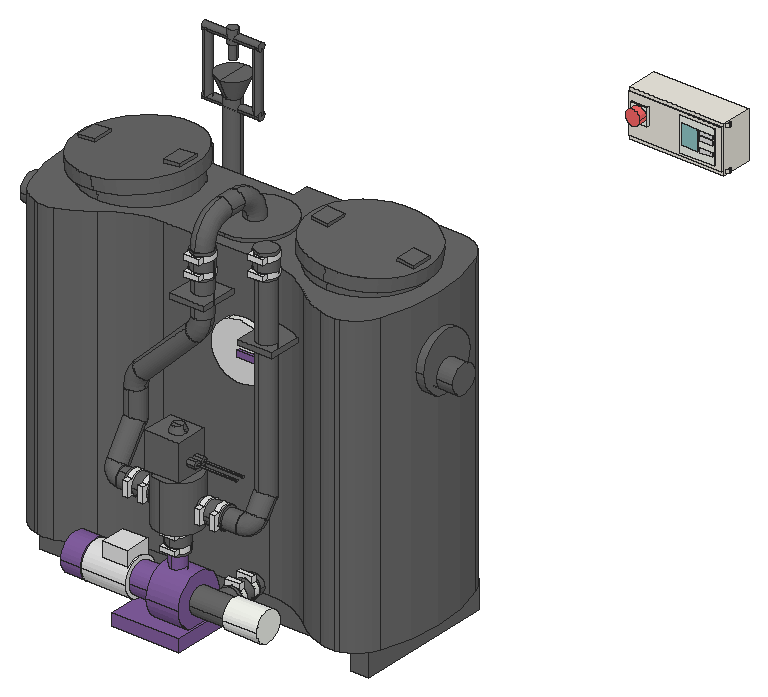
Revit family "93003.01_pvs 0", category Generic Models, Revit 2021
Family settings
  Can host rebar = No
  Round Connector Dimension = Use Diameter
  Part Type = Normal
  Work Plane-Based = No
  Always vertical = Yes
  Cut with Voids When Loaded = No
  Shared = Yes
  Room Calculation Point = No
Parameters (values of type "93003.01_PVS")
  SUPPLIER = "KESSEL"
  SA810ID06 = "4026092060971"
  SA810ID03 = "93003.01/PVS"
  SA71009ID06 = 3000 W
  SA71009ID05 = 3600 W
  SA71009ID04 = 1
  SA700ID17 = 1055 mm
  SA700ID14 = "ohne Angabe"
  SA700ID13 = 70 mm
  SA700ID09 = 1458 mm
  SA700ID08 = 680 mm
  SA700ID07 = 1500 mm
  SA700ID06 = 300
  SA700ID05 = 3
  SA700ID04 = "Grease separator EasyClean free NS 3, Auto Mix & Pump"
  SA500ID03 = "Sludge trap, integrated"
  SA400ID03 = "PE (Polyethylen)"
  SA250ID03 = "temperierte Umhausung"
  SA200ID03 = "free-standing set-up"
  SA100ID04 = "Abscheideranlage für Fette (Schlammfang und Fettabscheider)"
  PROCUREWEBLINK = "https://p.caden.as/kessel/93003.01%2FPVS"
  PROCURELINK = "p.caden.as/kessel/93003.01%2FPVS"
  PROCUREDATALASTUPDATE = "2024-05-22T12:17:53.100868662+01:00"
  PRC_SPECIFICATIONLINK = "https://ausschreiben.de/catalog/kessel/catalogItem/c8f192cc-be94-47e1-8b0a-54157882a37c"
  NN = "EasyClean, Auto Mix & Pump grease separator"
  NBSYN = "$SA810ID03. $LODLEVEL."
  NB = "93003.01/PVS 0"
  Model = "93003.01/PVS"
  Manufacturer = "KESSEL"
  MIdent = "{$CADENAS_DATA/23d-libs/kessel/kessel_vdi_import/40/abscheideranlage20fuer20fette/easyclean_free_auto_mix_pump.prj},230 {STYP=ASS},{VTYP=3D},{NB=93003.01/PVS 0},{LINA=93003.01/PVS},{NN=EasyClean, Auto Mix & Pump grease separator},{DATE=20.12.2022 10:10:54},{GEOMDATE=17.11.2022 09:57:06},{VERSION=},{LINEID=30},{WBVAR=LODLEVEL},{WBNUMERIC=LODLEVEL}  {NB=93003.01/PVS 0},{LINA=93003.01/PVS},{KT=DUMMY},{PREVIEW=../../bilder/ksb_w_9300301pvs.png},{SA700ID04=Fettabscheider EasyClean free NS 3, Auto Mix & Pump},{SA810ID06=4026092060971},{SA010ID04=KESSEL AG},{SA810ID03=93003.01/PVS},{SA100ID04=Abscheideranlage für Fette (Schlammfang und Fettabscheider)},{SA200ID03=Freiaufstellung},{SA400ID03=PE (Polyethylen)},{SA500ID03=Schlammfang integriert},{SA700ID05=3.00},{SA700ID06=300},{SA71009ID04=1},{SA71009ID05=3.60},{SA71009ID06=3.00},{SA250ID03=temperierte Umhausung},{SA700ID07=1500},{SA700ID09=1458},{SA700ID13=70},{SA700ID17=1055},{SA700ID08=680},{SA810ID10=\\\"Der Abscheider für fetthaltiges Abwasser ist für die freie Aufstellung in frostgeschützten Räumen geeignet und verzichtet auf metallische Bauteile im Behälter. Der Sammelbehälter aus dauerhaft beständigem Kunststoff (PE) ist mit einem integrierten Schlammfang ausgestattet und besitzt ein konisch zulaufendes Bodenteil für eine schnelle und saubere Entsorgung. Zwei geruchsdichte Deckel mit Schnellspannverschlüssen ermöglichen einen einfachen Zugang für Reinigungs- und Wartungsarbeiten.Das innovative Schredder-Mix-System mit integriertem Zerhacker übernimmt die Homogenisierung und Umwälzung des Behälterinhaltes. Die Reinigung und geruchsneutrale Entsorgung erfolgt dabei über eine außenliegende Pumpe mit 2-Wege-Ventil und Stellmotor, die mit einem Absperrschieber vom Behälter getrennt werden kann.Der vollautomatische Programmablauf wird durch ein anwenderfreundliches Schaltgerät mit mehrzeiliger Displayanzeige gesteuert, das über einen potentialfreien Kontakt in die Gebäudeleittechnik eingebunden werden kann. Über eine optional erhältliche Fernbedienung kann die Reinigung und Entsorgung von einer entfernten Stelle aus gestartet werden.Durch das individualisierbare Reinigungsprogramm mit Schnellwahlfunktion kann die Reinigung bedarfsgerecht an die örtlichen Gegebenheiten angepasst werden. Nach der Entsorgung sind nur noch max. 3 Liter Schlammrestvolumen im Behälter vorhanden. Mithilfe einer vollautomatisierten Spülung der Trinkwasserleitungen kann die Einhaltung der Trinkwasser-Hygiene-Verordnung gewährleistet werden.Gewährleistung auf den Werkstoff PE 20 Jahre.Ausführung:Absperreinrichtung: jaEntsorgungsart: automatisches Entsorgungs- und ReinigungssystemEntsorgungseinrichtung: EntsorgungspumpeEntsorgungsvariante: Auto Mix & PumpFülleinrichtung nach DIN 1988: jaNenngröße (NS): 3Schauglas: jaSchredder-Mix-System: jaSonicControl: neinWasserversorgung: 2 Magnetventile 1\\\"\\\"Tragfähigkeit (DIN 19901): F3Lieferumfang: Storz-B-Kupplung R 2 1/2 \\\"\\\" für SaugwagenanschlussEinbausituation: freie AufstellungAllgemeine Merkmale:Material: PENorm: EN 1825: 2004, DIN 4040-100Abmessungen:Aufstellfläche Länge: 1.736 mmAufstellfläche Breite: 841 mmAufstellfläche Höhe: 1.767 mmEinbringmaß Länge: 1.500 mmEinbringmaß Breite: 680 mmEinbringmaß Höhe: 1.458 mmBehälter/Grundkörper:Zulauf Nennweite (DN): 100 mmZulauf Nennweite (DA): 110 mmAuslauf Nennweite (DN): 100Auslauf Nennweite (DA): 110Abstand Rohrsohle Zulauf zu Behälterboden: 1.055 mmAbstand Rohrsohle Auslauf zu Behälterboden: 985 mmAnschluss Zu-/Auslaufstutzen: PE-HD-Rohre nach DIN 19537, HT-Rohre nach DIN 19560, PP oder ASDruckabgang (DA): 75 mmDruckabgang (DN): 65 mmNenndruck (PN): 10Abdeckungsmerkmale:Abdeckungsart: DeckelAbdeckung Material: KunststoffAbdeckung Farbe: violettDichtheit: geruchsdichtVerriegelung: SchnellspannverschlussAbwasserinhalt:Abscheiderinhalt: 300 lGesamtvolumen: 600 lSchlammfanginhalt: 300 lSpeichermenge an Fett: 120 lFördereinrichtung:Pumpe: SPF 300 KE 2.0Anzahl Pumpen: 1Förderhöhe max.: 17 mFörderleistung max.: 60 m3/hBetriebsspannung: 400 VNetzfrequenz: 50 HzBetriebsart: S2 - 30 Min.Leistung P1: 3,6 kWLeistung P2: 3 kWDrehzahl: 2.850 U/minErforderliche Absicherung (Leitungsschutz): Absicherung über Schaltgerät 400 VFörderguttemperatur (dauerhaft) max.: 40 °CAnschlusstyp: DirektanschlussGewicht: 44 kgLaufrad Typ: Radiallaufrad mit ZerhackerLänge Netzanschlussleitung Pumpe: 5 mNennstrom: 6,2 ASchutzart Pumpe: IP 55Schutzklasse: ITyp Anschlussleitung Pumpe: H07RN-F 7G 1,5 mm2Temperaturüberwachung: integriertSteuerung:Schaltgerät: jaBetriebsspannung: 400 VNetzfrequenz: 50 HzSelbstdiagnosesystem (SDS): jaBatteriepufferung: neinMehrzeilige Displayanzeige: jaLogbuchfunktion: jaUSB-Schnittstelle: jaGSM-Schnittstelle: neinPotentialfreier Kontakt: jaErforderliche Absicherung (Leitungsschutz): C 16 AErforderliche Absicherung (RCD): 30 mAMotorschutz Schalter: jaSchutzart Schaltgerät: IP 54\\\"},{SA700ID14=ohne Angabe},{LODLEVEL=0},{CATEGORY3AA=EasyClean free Auto Mix & Pump},{CATEGORY3AB=},{CATEGORY3AC=},{CATEGORY3AD=},{CATEGORY3AE=},{CATEGORY3AF=},{BEZEICHNUNG=},{BREITE=0.0},{TIEFE=MIN},{HOEHE=MIN},{MASSE=MIN},{LOD_=0,'Low'},{LOD_DEU=0,'Low'},{LOD_3DB=93003.01/PVS_0},{DNIN1=100},{DNIN2=10},{DNIN3=10},{DNIN4=10},{DNIN5=10},{DNIN6=10},{DNIN7=MIN},{DNOUT1=100},{DNOUT2=50},{ISD=80},{ISD2=10},{SA960ID03=82},{SA960ID04=3L},{SA960ID08=http://www.kessel.de/info?han=93003.01/PVS},{SA010ID01=010},{SA010ID02=40},{SA010ID06=www.kessel.de},{SA010ID08=4026092000007},{SA100ID01=100},{SA100ID02=1},{SA740ID01=740},{SA200ID01=200},{SA200ID02=1},{SA250ID01=250},{SA250ID02=1},{SA400ID01=400},{SA400ID02=1},{SA500ID01=500},{SA500ID02=1},{SA700ID01=700},{SA700ID02=82},{SA700ID14_=0},{SA71009ID01=710.09},{SA71009ID02=1},{SA71009ID03=SPF 300 KE 2.0},{SA71009ID07=IP55},{SA71009ID08=1},{SA71009ID09=1},{SA71009ID10=60},{SA71009ID11=17},{SA810ID01=810},{SA810ID02=82},{SA810ID04=93003.01/PVS},{SA810ID07=82},{SA810ID14=PCE},{LINK=http://www.kessel.de/info?han=93003.01/PVS},{LINK_=http://www.kessel.de/info?han=93003.01/PVS},{LINK_DEU=http://www.kessel.de/info?han=93003.01/PVS}"
  LINK = "http://www.kessel.de/info?han=93003.01/PVS"
  LINA = "93003.01/PVS"
  Default Elevation = 0 mm
  CREATOR = "CADENAS GmbH"
  CATALOG = "KESSEL"
  BOMINFO = "LINA"
  ARTICLENO = "NB"
Reference planes
  plane 1 "Center (Front/Back)": y = 0
  plane 2: z = 0
  plane 3 "Center (Left/Right)": x = 0
Forms (mm)
  Extrusion 1, void
    sketch origin (-212, -383, 248.5) x (0, -1, 0) y (-1, 0, 0)
      loop
        line (-0.5, 0.5) -> (-0.5, -0.5) -> (0.5, -0.5) -> (0.5, 0.5) -> (-0.5, 0.5)
    from 0 to 1
Dimensions and locks
  locked: plane 2 to Extrusion 1 at 247.5
  locked: plane 2 to Extrusion 1 at 248.5
  aligned and locked: level to plane 2
Nested families
  nested 1: "93003.01_pvs 0_content" at (0, 0, 0), type "93003.01_PVS 0_Content"
  nested 2: "93003.01_pvs 0_part1_X0Y0" at (1000, 1000, 1500), type "93003.01_PVS_PART1_X0Y0"
  nested 3: "93003.01_pvs 0_part2_X0Y0" at (0, 0, 0), type "93003.01_PVS_PART2_X0Y0"
Connectors
  electrical at (859.25, 933.5, 1478)
    settings: on nested 2, index 1, voltage 230 V, apparent load 0 VA, apparent load phase1 0 VA, apparent load phase2 0 VA, apparent load phase3 0 VA, power factor 1, load classification "Other", number of poles 3, system type 31, power factor state 1, is connector primary yes, connector utility no, sub classification motor no, connector description ""
  piping at (-897.6, 0, 1113), diameter 100
    settings: on nested 3, index 2, connector inside diameter 609.6 mm, connector length 0 mm, flow factor 0, pipe flow 0.0 L/s, pressure drop 0.0 Pa, fitting loss kfactor 0, connector angle 0.00°, fixture units 0, engagement length 0 mm, angle of deflection 0.00°, flow configuration 0, flow direction 1, fitting loss method 2, system type 8, joint type 0, gender type 0, connector reference index -1, connector utility 0, adjustable connector no, is connector primary yes, connector description ""
  piping at (-305, 275, 1772.9), diameter 10
    settings: on nested 3, index 3, connector inside diameter 609.6 mm, connector length 0 mm, flow factor 0, pipe flow 0.0 L/s, pressure drop 0.0 Pa, fitting loss kfactor 0, connector angle 0.00°, fixture units 0, engagement length 0 mm, angle of deflection 0.00°, flow configuration 0, flow direction 1, fitting loss method 2, system type 8, joint type 0, gender type 0, connector reference index -1, connector utility 0, adjustable connector no, is connector primary no, connector description ""
  piping at (844, 0, 1030), diameter 100
    settings: on nested 3, index 4, connector inside diameter 609.6 mm, connector length 0 mm, flow factor 0, pipe flow 0.0 L/s, pressure drop 0.0 Pa, fitting loss kfactor 0, connector angle 0.00°, fixture units 0, engagement length 0 mm, angle of deflection 0.00°, flow configuration 0, flow direction 2, fitting loss method 2, system type 7, joint type 0, gender type 0, connector reference index -1, connector utility 0, adjustable connector no, is connector primary no, connector description ""
  piping at (290, -301.5, 1441.5), diameter 50
    settings: on nested 3, index 5, connector inside diameter 609.6 mm, connector length 0 mm, flow factor 0, pipe flow 0.0 L/s, pressure drop 0.0 Pa, fitting loss kfactor 0, connector angle 0.00°, fixture units 0, engagement length 0 mm, angle of deflection 0.00°, flow configuration 0, flow direction 2, fitting loss method 2, system type 7, joint type 0, gender type 0, connector reference index -1, connector utility 0, adjustable connector no, is connector primary no, connector description ""
  electrical at (-212, -383, 248.5)
    settings: on Extrusion 1, index 6, voltage 0 V, apparent load 0 VA, apparent load phase1 0 VA, apparent load phase2 0 VA, apparent load phase3 0 VA, power factor 1, load classification "Other", number of poles 1, system type 31, power factor state 1, is connector primary no, connector utility no, sub classification motor no, connector description ""
Definition of nested family "93003.01_pvs 0_part1_X0Y0"
  Parameters (values of type "93003.01_PVS_PART1_X0Y0")
    SUPPLIER = "KESSEL"
    SA810ID06 = "4026092060971"
    SA810ID03 = "93003.01/PVS"
    SA71009ID06 = 3000 W
    SA71009ID05 = 3600 W
    SA71009ID04 = 1
    SA700ID17 = 1055 mm
    SA700ID14 = "ohne Angabe"
    SA700ID13 = 70 mm
    SA700ID09 = 1458 mm
    SA700ID08 = 680 mm
    SA700ID07 = 1500 mm
    SA700ID06 = 300
    SA700ID05 = 3
    SA700ID04 = "Grease separator EasyClean free NS 3, Auto Mix & Pump"
    SA500ID03 = "Sludge trap, integrated"
    SA400ID03 = "PE (Polyethylen)"
    SA250ID03 = "temperierte Umhausung"
    SA200ID03 = "free-standing set-up"
    SA100ID04 = "Abscheideranlage für Fette (Schlammfang und Fettabscheider)"
    NBSYN = "$SA810ID03. $LODLEVEL._PART1"
    NB = "93003.01/PVS 0_PART1"
    Model = "93003.01/PVS_PART1"
    Manufacturer = "KESSEL"
    MIdent = "{$CADENAS_DATA/23d-libs/kessel/kessel_vdi_import/40/abscheideranlage20fuer20fette/easyclean_free_auto_mix_pump.prj},250 {VTYP=3D},{NB=93003.01/PVS 0_PART1},{LINA=93003.01/PVS_PART1},{NN=EasyClean, Auto Mix & Pump grease separator_PART1},{NOPRJ=TRUE},{DATE=20.12.2022 10:10:54},{GEOMDATE=17.11.2022 09:57:06},{VERSION=},{LINEID=30},{WBVAR=LODLEVEL},{WBNUMERIC=LODLEVEL}  {NB=93003.01/PVS 0_PART1},{LINA=93003.01/PVS_PART1},{KT=DUMMY},{PREVIEW=../../bilder/ksb_w_9300301pvs.png},{SA700ID04=Fettabscheider EasyClean free NS 3, Auto Mix & Pump},{SA810ID06=4026092060971},{SA010ID04=KESSEL AG},{SA810ID03=93003.01/PVS},{SA100ID04=Abscheideranlage für Fette (Schlammfang und Fettabscheider)},{SA200ID03=Freiaufstellung},{SA400ID03=PE (Polyethylen)},{SA500ID03=Schlammfang integriert},{SA700ID05=3.00},{SA700ID06=300},{SA71009ID04=1},{SA71009ID05=3.60},{SA71009ID06=3.00},{SA250ID03=temperierte Umhausung},{SA700ID07=1500},{SA700ID09=1458},{SA700ID13=70},{SA700ID17=1055},{SA700ID08=680},{SA810ID10=\\\"Der Abscheider für fetthaltiges Abwasser ist für die freie Aufstellung in frostgeschützten Räumen geeignet und verzichtet auf metallische Bauteile im Behälter. Der Sammelbehälter aus dauerhaft beständigem Kunststoff (PE) ist mit einem integrierten Schlammfang ausgestattet und besitzt ein konisch zulaufendes Bodenteil für eine schnelle und saubere Entsorgung. Zwei geruchsdichte Deckel mit Schnellspannverschlüssen ermöglichen einen einfachen Zugang für Reinigungs- und Wartungsarbeiten.Das innovative Schredder-Mix-System mit integriertem Zerhacker übernimmt die Homogenisierung und Umwälzung des Behälterinhaltes. Die Reinigung und geruchsneutrale Entsorgung erfolgt dabei über eine außenliegende Pumpe mit 2-Wege-Ventil und Stellmotor, die mit einem Absperrschieber vom Behälter getrennt werden kann.Der vollautomatische Programmablauf wird durch ein anwenderfreundliches Schaltgerät mit mehrzeiliger Displayanzeige gesteuert, das über einen potentialfreien Kontakt in die Gebäudeleittechnik eingebunden werden kann. Über eine optional erhältliche Fernbedienung kann die Reinigung und Entsorgung von einer entfernten Stelle aus gestartet werden.Durch das individualisierbare Reinigungsprogramm mit Schnellwahlfunktion kann die Reinigung bedarfsgerecht an die örtlichen Gegebenheiten angepasst werden. Nach der Entsorgung sind nur noch max. 3 Liter Schlammrestvolumen im Behälter vorhanden. Mithilfe einer vollautomatisierten Spülung der Trinkwasserleitungen kann die Einhaltung der Trinkwasser-Hygiene-Verordnung gewährleistet werden.Gewährleistung auf den Werkstoff PE 20 Jahre.Ausführung:Absperreinrichtung: jaEntsorgungsart: automatisches Entsorgungs- und ReinigungssystemEntsorgungseinrichtung: EntsorgungspumpeEntsorgungsvariante: Auto Mix & PumpFülleinrichtung nach DIN 1988: jaNenngröße (NS): 3Schauglas: jaSchredder-Mix-System: jaSonicControl: neinWasserversorgung: 2 Magnetventile 1\\\"\\\"Tragfähigkeit (DIN 19901): F3Lieferumfang: Storz-B-Kupplung R 2 1/2 \\\"\\\" für SaugwagenanschlussEinbausituation: freie AufstellungAllgemeine Merkmale:Material: PENorm: EN 1825: 2004, DIN 4040-100Abmessungen:Aufstellfläche Länge: 1.736 mmAufstellfläche Breite: 841 mmAufstellfläche Höhe: 1.767 mmEinbringmaß Länge: 1.500 mmEinbringmaß Breite: 680 mmEinbringmaß Höhe: 1.458 mmBehälter/Grundkörper:Zulauf Nennweite (DN): 100 mmZulauf Nennweite (DA): 110 mmAuslauf Nennweite (DN): 100Auslauf Nennweite (DA): 110Abstand Rohrsohle Zulauf zu Behälterboden: 1.055 mmAbstand Rohrsohle Auslauf zu Behälterboden: 985 mmAnschluss Zu-/Auslaufstutzen: PE-HD-Rohre nach DIN 19537, HT-Rohre nach DIN 19560, PP oder ASDruckabgang (DA): 75 mmDruckabgang (DN): 65 mmNenndruck (PN): 10Abdeckungsmerkmale:Abdeckungsart: DeckelAbdeckung Material: KunststoffAbdeckung Farbe: violettDichtheit: geruchsdichtVerriegelung: SchnellspannverschlussAbwasserinhalt:Abscheiderinhalt: 300 lGesamtvolumen: 600 lSchlammfanginhalt: 300 lSpeichermenge an Fett: 120 lFördereinrichtung:Pumpe: SPF 300 KE 2.0Anzahl Pumpen: 1Förderhöhe max.: 17 mFörderleistung max.: 60 m3/hBetriebsspannung: 400 VNetzfrequenz: 50 HzBetriebsart: S2 - 30 Min.Leistung P1: 3,6 kWLeistung P2: 3 kWDrehzahl: 2.850 U/minErforderliche Absicherung (Leitungsschutz): Absicherung über Schaltgerät 400 VFörderguttemperatur (dauerhaft) max.: 40 °CAnschlusstyp: DirektanschlussGewicht: 44 kgLaufrad Typ: Radiallaufrad mit ZerhackerLänge Netzanschlussleitung Pumpe: 5 mNennstrom: 6,2 ASchutzart Pumpe: IP 55Schutzklasse: ITyp Anschlussleitung Pumpe: H07RN-F 7G 1,5 mm2Temperaturüberwachung: integriertSteuerung:Schaltgerät: jaBetriebsspannung: 400 VNetzfrequenz: 50 HzSelbstdiagnosesystem (SDS): jaBatteriepufferung: neinMehrzeilige Displayanzeige: jaLogbuchfunktion: jaUSB-Schnittstelle: jaGSM-Schnittstelle: neinPotentialfreier Kontakt: jaErforderliche Absicherung (Leitungsschutz): C 16 AErforderliche Absicherung (RCD): 30 mAMotorschutz Schalter: jaSchutzart Schaltgerät: IP 54\\\"},{SA700ID14=ohne Angabe},{LODLEVEL=0},{CATEGORY3AA=EasyClean free Auto Mix & Pump},{CATEGORY3AB=},{CATEGORY3AC=},{CATEGORY3AD=},{CATEGORY3AE=},{CATEGORY3AF=},{BEZEICHNUNG=},{BREITE=0.0},{TIEFE=MIN},{HOEHE=MIN},{MASSE=MIN},{LOD_=0,'Low'},{LOD_DEU=0,'Low'},{LOD_3DB=93003.01/PVS_0},{DNIN1=100},{DNIN2=10},{DNIN3=10},{DNIN4=10},{DNIN5=10},{DNIN6=10},{DNIN7=MIN},{DNOUT1=100},{DNOUT2=50},{ISD=80},{ISD2=10},{SA960ID03=82},{SA960ID04=3L},{SA960ID08=http://www.kessel.de/info?han=93003.01/PVS},{SA010ID01=010},{SA010ID02=40},{SA010ID06=www.kessel.de},{SA010ID08=4026092000007},{SA100ID01=100},{SA100ID02=1},{SA740ID01=740},{SA200ID01=200},{SA200ID02=1},{SA250ID01=250},{SA250ID02=1},{SA400ID01=400},{SA400ID02=1},{SA500ID01=500},{SA500ID02=1},{SA700ID01=700},{SA700ID02=82},{SA700ID14_=0},{SA71009ID01=710.09},{SA71009ID02=1},{SA71009ID03=SPF 300 KE 2.0},{SA71009ID07=IP55},{SA71009ID08=1},{SA71009ID09=1},{SA71009ID10=60},{SA71009ID11=17},{SA810ID01=810},{SA810ID02=82},{SA810ID04=93003.01/PVS},{SA810ID07=82},{SA810ID14=PCE},{LINK=http://www.kessel.de/info?han=93003.01/PVS},{LINK_=http://www.kessel.de/info?han=93003.01/PVS},{LINK_DEU=http://www.kessel.de/info?han=93003.01/PVS}"
    LINK = "http://www.kessel.de/info?han=93003.01/PVS"
    LINA = "93003.01/PVS_PART1"
    Default Elevation = 1219.2 mm
    CREATOR = "CADENAS GmbH"
    CATALOG = "KESSEL"
    BOMINFO = "LINA"
    ARTICLENO = "NB"
  Reference planes
    plane 1 "Center (Front/Back)": y = 0
    plane 2: z = 0
    plane 3 "Center (Left/Right)": x = 0
  Dimensions and locks
    aligned and locked: level to plane 2
  Nested families
    nested 1: "93003.01_pvs 0_part1_content" at (0, 0, 0), type "93003.01_PVS 0_PART1_Content"
  Definition of nested family "93003.01_pvs 0_part1_content"
    Parameters (values of type "93003.01_PVS 0_PART1_Content")
      SUPPLIER = "KESSEL"
      SA810ID06 = "4026092060971"
      SA810ID03 = "93003.01/PVS"
      SA71009ID06 = 3000 W
      SA71009ID05 = 3600 W
      SA71009ID04 = 1
      SA700ID17 = 1055 mm
      SA700ID14 = "ohne Angabe"
      SA700ID13 = 70 mm
      SA700ID09 = 1458 mm
      SA700ID08 = 680 mm
      SA700ID07 = 1500 mm
      SA700ID06 = 300
      SA700ID05 = 3
      SA700ID04 = "Grease separator EasyClean free NS 3, Auto Mix & Pump"
      SA500ID03 = "Sludge trap, integrated"
      SA400ID03 = "PE (Polyethylen)"
      SA250ID03 = "temperierte Umhausung"
      SA200ID03 = "free-standing set-up"
      SA100ID04 = "Abscheideranlage für Fette (Schlammfang und Fettabscheider)"
      NBSYN = "$SA810ID03. $LODLEVEL._PART1"
      NB = "93003.01/PVS 0_PART1"
      Model = "93003.01/PVS_PART1"
      Manufacturer = "KESSEL"
      LINK = "http://www.kessel.de/info?han=93003.01/PVS"
      LINA = "93003.01/PVS_PART1"
      Default Elevation = 1219.2 mm
      CREATOR = "CADENAS GmbH"
      CATALOG = "KESSEL"
      BOMINFO = "LINA"
      ARTICLENO = "NB"
    Reference planes
      plane 1 "Center (Front/Back)": y = 0
      plane 2: z = 0
      plane 3 "Center (Left/Right)": x = 0
    Forms (mm)
      Extrusion 1, solid, detail levels medium+fine
        sketch origin (190.25, 0, 0) x (0, -1, 0) y (0, 0, 1)
          loop
            line (0, 188) -> (0, 0) -> (122.5, 0) -> (122.5, 188) -> (0, 188)
        from 0 to 380.5
      Extrusion 2, solid, detail levels medium+fine
        sketch origin (186.25, -122.5, 14) x (0, -1, 0) y (0, 0, 1)
          loop
            line (0, 160) -> (0, 0) -> (5, 0) -> (5, 160) -> (0, 160)
        from 0 to 376.5
      Extrusion 3, solid, detail levels medium+fine
        sketch origin (156.25, -127.5, 24.5) x (0, -1, 0) y (0, 0, 1)
          loop
            line (-1.4, 0) -> (0.2, 0) -> (0.2, 135) -> (-1.4, 135) -> (-1.4, 0)
        from 0 to 140
      Extrusion 4, solid, detail levels medium+fine
        sketch origin (88.75, -127.7, 53.5) x (0, -1, 0) y (0, 0, 1)
          loop
            line (-1.5, 79) -> (-1.5, 0) -> (0.1, 0) -> (0.1, 79) -> (-1.5, 79)
        from 0 to 65
      Extrusion 5, solid, detail levels medium+fine
        sketch origin (148.75, -127.7, 95.5) x (0, -1, 0) y (0, 0, 1)
          loop
            line (-1.5, 16) -> (-1.5, 0) -> (0.1, 0) -> (0.1, 16) -> (-1.5, 16)
        from 0 to 51
      Extrusion 6, solid, detail levels medium+fine
        sketch origin (148.75, -127.7, 53.5) x (0, -1, 0) y (0, 0, 1)
          loop
            line (-1.5, 16) -> (-1.5, 0) -> (0.1, 0) -> (0.1, 16) -> (-1.5, 16)
        from 0 to 51
      Extrusion 7, solid, detail levels medium+fine
        sketch origin (148.75, -127.7, 116.5) x (0, -1, 0) y (0, 0, 1)
          loop
            line (-1.5, 16) -> (-1.5, 0) -> (0.1, 0) -> (0.1, 16) -> (-1.5, 16)
        from 0 to 51
      Extrusion 8, solid, detail levels medium+fine
        sketch origin (9.25, -66.5, 1.5) x (0.866025, 0.5, 0) y (0.5, -0.866025, 0)
          loop
            circle (0, 0) r 10
        from 0 to 2.5
      Extrusion 9, solid, detail levels medium+fine
        sketch origin (-20.75, -66.5, 1.5) x (0.866025, 0.5, 0) y (0.5, -0.866025, 0)
          loop
            circle (0, 0) r 10
        from 0 to 2.5
      Extrusion 10, solid, detail levels medium+fine
        sketch origin (39.25, -66.5, 1.5) x (0.866025, 0.5, 0) y (0.5, -0.866025, 0)
          loop
            circle (0, 0) r 10
        from 0 to 2.5
      Extrusion 11, solid, detail levels medium+fine
        sketch origin (-50.75, -66.5, 1.5) x (0.866025, 0.5, 0) y (0.5, -0.866025, 0)
          loop
            circle (0, 0) r 10
        from 0 to 2.5
      Extrusion 12, solid, detail levels medium+fine
        sketch origin (69.25, -66.5, 1.5) x (0.866025, 0.5, 0) y (0.5, -0.866025, 0)
          loop
            circle (0, 0) r 10
        from 0 to 2.5
      Extrusion 13, solid, detail levels medium+fine
        sketch origin (99.25, -66.5, 1.5) x (0.866025, 0.5, 0) y (0.5, -0.866025, 0)
          loop
            circle (0, 0) r 10
        from 0 to 2.5
      Extrusion 14, solid, detail levels medium+fine
        sketch origin (-95.75, -66.5, 0) x (0.866025, 0.5, 0) y (0.5, -0.866025, 0)
          loop
            line (0, 17.321) -> (-15, 8.66) -> (-15, -8.66) -> (0, -17.321) -> (15, -8.66) -> (15, 8.66) -> (0, 17.321)
        from 0 to 22
      Extrusion 15, solid, detail levels medium+fine
        sketch origin (-140.75, -66.5, 0) x (0.866025, 0.5, 0) y (0.5, -0.866025, 0)
          loop
            line (0, 17.321) -> (-15, 8.66) -> (-15, -8.66) -> (0, -17.321) -> (15, -8.66) -> (15, 8.66) -> (0, 17.321)
        from 0 to 22
      Extrusion 16, solid, detail levels medium+fine
        sketch origin (-110.25, -127.5, 76.5) x (0, -1, 0) y (0, 0, 1)
          loop
            line (0, 67) -> (0, 0) -> (7, 0) -> (7, 67) -> (0, 67)
        from 0 to 67
      Extrusion 17, solid, detail levels medium+fine
        sketch origin (-143.75, -134.5, 110) x (1, 0, 0) y (0, 0, 1)
          loop
            circle (0, 0) r 29.5
        from 0 to 29
      Extrusion 18, solid, detail levels medium+fine
        sketch origin (129.25, -66.5, 1.5) x (0.866025, 0.5, 0) y (0.5, -0.866025, 0)
          loop
            circle (0, 0) r 10
        from 0 to 2.5
      Extrusion 19, solid, detail levels medium+fine
        sketch origin (-179.25, 0, 177) x (-1, 0, 0) y (0, 0, 1)
          loop
            circle (0, 0) r 7.5
        from 0 to 2
      Extrusion 20, solid, detail levels medium+fine
        sketch origin (-179.25, 0, 11) x (-1, 0, 0) y (0, 0, 1)
          loop
            circle (0, 0) r 7.5
        from 0 to 2
      Extrusion 21, solid, detail levels medium+fine
        sketch origin (179.25, 0, 11) x (-1, 0, 0) y (0, 0, 1)
          loop
            circle (0, 0) r 7.5
        from 0 to 2
      Extrusion 22, solid, detail levels medium+fine
        sketch origin (179.25, 0, 177) x (-1, 0, 0) y (0, 0, 1)
          loop
            circle (0, 0) r 7.5
        from 0 to 2
      Extrusion 23, solid, detail levels medium+fine
        sketch origin (194.75, -100.5, 170) x (-1, 0, 0) y (0, -1, 0)
          loop
            circle (0, 0) r 5
        from 0 to 14
      Extrusion 24, solid, detail levels medium+fine
        sketch origin (190.25, -100.5, 170) x (0, -1, 0) y (1, 0, 0)
          loop
            line (0, 9.5) -> (0, 0) -> (20, 0) -> (0, 9.5)
        from 0 to 14
      Extrusion 25, solid, detail levels medium+fine
        sketch origin (194.75, -100.5, 4) x (-1, 0, 0) y (0, -1, 0)
          loop
            circle (0, 0) r 5
        from 0 to 14
      Extrusion 26, solid, detail levels medium+fine
        sketch origin (190.25, -100.5, 4) x (0, -1, 0) y (1, 0, 0)
          loop
            line (0, 9.5) -> (0, 0) -> (20, 0) -> (0, 9.5)
        from 0 to 14
      Extrusion 27, solid, detail levels coarse
        sketch origin (4.75, -80.75, -22) x (1, 0, 0) y (0, 1, 0)
          loop
            line (-195, -82.75) -> (195, -82.75) -> (195, 82.75) -> (-195, 82.75) -> (-195, -82.75)
        from 0 to 210
    Dimensions and locks
      aligned and locked: level to plane 2
Definition of nested family "93003.01_pvs 0_part2_X0Y0"
  Parameters (values of type "93003.01_PVS_PART2_X0Y0")
    SUPPLIER = "KESSEL"
    SA810ID06 = "4026092060971"
    SA810ID03 = "93003.01/PVS"
    SA71009ID06 = 3000 W
    SA71009ID05 = 3600 W
    SA71009ID04 = 1
    SA700ID17 = 1055 mm
    SA700ID14 = "ohne Angabe"
    SA700ID13 = 70 mm
    SA700ID09 = 1458 mm
    SA700ID08 = 680 mm
    SA700ID07 = 1500 mm
    SA700ID06 = 300
    SA700ID05 = 3
    SA700ID04 = "Grease separator EasyClean free NS 3, Auto Mix & Pump"
    SA500ID03 = "Sludge trap, integrated"
    SA400ID03 = "PE (Polyethylen)"
    SA250ID03 = "temperierte Umhausung"
    SA200ID03 = "free-standing set-up"
    SA100ID04 = "Abscheideranlage für Fette (Schlammfang und Fettabscheider)"
    NBSYN = "$SA810ID03. $LODLEVEL._PART2"
    NB = "93003.01/PVS 0_PART2"
    Model = "93003.01/PVS_PART2"
    Manufacturer = "KESSEL"
    MIdent = "{$CADENAS_DATA/23d-libs/kessel/kessel_vdi_import/40/abscheideranlage20fuer20fette/easyclean_free_auto_mix_pump.prj},250 {VTYP=3D},{NB=93003.01/PVS 0_PART2},{LINA=93003.01/PVS_PART2},{NN=EasyClean, Auto Mix & Pump grease separator_PART2},{NOPRJ=TRUE},{DATE=20.12.2022 10:10:54},{GEOMDATE=17.11.2022 09:57:06},{VERSION=},{LINEID=30},{WBVAR=LODLEVEL},{WBNUMERIC=LODLEVEL}  {NB=93003.01/PVS 0_PART2},{LINA=93003.01/PVS_PART2},{KT=DUMMY},{PREVIEW=../../bilder/ksb_w_9300301pvs.png},{SA700ID04=Fettabscheider EasyClean free NS 3, Auto Mix & Pump},{SA810ID06=4026092060971},{SA010ID04=KESSEL AG},{SA810ID03=93003.01/PVS},{SA100ID04=Abscheideranlage für Fette (Schlammfang und Fettabscheider)},{SA200ID03=Freiaufstellung},{SA400ID03=PE (Polyethylen)},{SA500ID03=Schlammfang integriert},{SA700ID05=3.00},{SA700ID06=300},{SA71009ID04=1},{SA71009ID05=3.60},{SA71009ID06=3.00},{SA250ID03=temperierte Umhausung},{SA700ID07=1500},{SA700ID09=1458},{SA700ID13=70},{SA700ID17=1055},{SA700ID08=680},{SA810ID10=\\\"Der Abscheider für fetthaltiges Abwasser ist für die freie Aufstellung in frostgeschützten Räumen geeignet und verzichtet auf metallische Bauteile im Behälter. Der Sammelbehälter aus dauerhaft beständigem Kunststoff (PE) ist mit einem integrierten Schlammfang ausgestattet und besitzt ein konisch zulaufendes Bodenteil für eine schnelle und saubere Entsorgung. Zwei geruchsdichte Deckel mit Schnellspannverschlüssen ermöglichen einen einfachen Zugang für Reinigungs- und Wartungsarbeiten.Das innovative Schredder-Mix-System mit integriertem Zerhacker übernimmt die Homogenisierung und Umwälzung des Behälterinhaltes. Die Reinigung und geruchsneutrale Entsorgung erfolgt dabei über eine außenliegende Pumpe mit 2-Wege-Ventil und Stellmotor, die mit einem Absperrschieber vom Behälter getrennt werden kann.Der vollautomatische Programmablauf wird durch ein anwenderfreundliches Schaltgerät mit mehrzeiliger Displayanzeige gesteuert, das über einen potentialfreien Kontakt in die Gebäudeleittechnik eingebunden werden kann. Über eine optional erhältliche Fernbedienung kann die Reinigung und Entsorgung von einer entfernten Stelle aus gestartet werden.Durch das individualisierbare Reinigungsprogramm mit Schnellwahlfunktion kann die Reinigung bedarfsgerecht an die örtlichen Gegebenheiten angepasst werden. Nach der Entsorgung sind nur noch max. 3 Liter Schlammrestvolumen im Behälter vorhanden. Mithilfe einer vollautomatisierten Spülung der Trinkwasserleitungen kann die Einhaltung der Trinkwasser-Hygiene-Verordnung gewährleistet werden.Gewährleistung auf den Werkstoff PE 20 Jahre.Ausführung:Absperreinrichtung: jaEntsorgungsart: automatisches Entsorgungs- und ReinigungssystemEntsorgungseinrichtung: EntsorgungspumpeEntsorgungsvariante: Auto Mix & PumpFülleinrichtung nach DIN 1988: jaNenngröße (NS): 3Schauglas: jaSchredder-Mix-System: jaSonicControl: neinWasserversorgung: 2 Magnetventile 1\\\"\\\"Tragfähigkeit (DIN 19901): F3Lieferumfang: Storz-B-Kupplung R 2 1/2 \\\"\\\" für SaugwagenanschlussEinbausituation: freie AufstellungAllgemeine Merkmale:Material: PENorm: EN 1825: 2004, DIN 4040-100Abmessungen:Aufstellfläche Länge: 1.736 mmAufstellfläche Breite: 841 mmAufstellfläche Höhe: 1.767 mmEinbringmaß Länge: 1.500 mmEinbringmaß Breite: 680 mmEinbringmaß Höhe: 1.458 mmBehälter/Grundkörper:Zulauf Nennweite (DN): 100 mmZulauf Nennweite (DA): 110 mmAuslauf Nennweite (DN): 100Auslauf Nennweite (DA): 110Abstand Rohrsohle Zulauf zu Behälterboden: 1.055 mmAbstand Rohrsohle Auslauf zu Behälterboden: 985 mmAnschluss Zu-/Auslaufstutzen: PE-HD-Rohre nach DIN 19537, HT-Rohre nach DIN 19560, PP oder ASDruckabgang (DA): 75 mmDruckabgang (DN): 65 mmNenndruck (PN): 10Abdeckungsmerkmale:Abdeckungsart: DeckelAbdeckung Material: KunststoffAbdeckung Farbe: violettDichtheit: geruchsdichtVerriegelung: SchnellspannverschlussAbwasserinhalt:Abscheiderinhalt: 300 lGesamtvolumen: 600 lSchlammfanginhalt: 300 lSpeichermenge an Fett: 120 lFördereinrichtung:Pumpe: SPF 300 KE 2.0Anzahl Pumpen: 1Förderhöhe max.: 17 mFörderleistung max.: 60 m3/hBetriebsspannung: 400 VNetzfrequenz: 50 HzBetriebsart: S2 - 30 Min.Leistung P1: 3,6 kWLeistung P2: 3 kWDrehzahl: 2.850 U/minErforderliche Absicherung (Leitungsschutz): Absicherung über Schaltgerät 400 VFörderguttemperatur (dauerhaft) max.: 40 °CAnschlusstyp: DirektanschlussGewicht: 44 kgLaufrad Typ: Radiallaufrad mit ZerhackerLänge Netzanschlussleitung Pumpe: 5 mNennstrom: 6,2 ASchutzart Pumpe: IP 55Schutzklasse: ITyp Anschlussleitung Pumpe: H07RN-F 7G 1,5 mm2Temperaturüberwachung: integriertSteuerung:Schaltgerät: jaBetriebsspannung: 400 VNetzfrequenz: 50 HzSelbstdiagnosesystem (SDS): jaBatteriepufferung: neinMehrzeilige Displayanzeige: jaLogbuchfunktion: jaUSB-Schnittstelle: jaGSM-Schnittstelle: neinPotentialfreier Kontakt: jaErforderliche Absicherung (Leitungsschutz): C 16 AErforderliche Absicherung (RCD): 30 mAMotorschutz Schalter: jaSchutzart Schaltgerät: IP 54\\\"},{SA700ID14=ohne Angabe},{LODLEVEL=0},{CATEGORY3AA=EasyClean free Auto Mix & Pump},{CATEGORY3AB=},{CATEGORY3AC=},{CATEGORY3AD=},{CATEGORY3AE=},{CATEGORY3AF=},{BEZEICHNUNG=},{BREITE=0.0},{TIEFE=MIN},{HOEHE=MIN},{MASSE=MIN},{LOD_=0,'Low'},{LOD_DEU=0,'Low'},{LOD_3DB=93003.01/PVS_0},{DNIN1=100},{DNIN2=10},{DNIN3=10},{DNIN4=10},{DNIN5=10},{DNIN6=10},{DNIN7=MIN},{DNOUT1=100},{DNOUT2=50},{ISD=80},{ISD2=10},{SA960ID03=82},{SA960ID04=3L},{SA960ID08=http://www.kessel.de/info?han=93003.01/PVS},{SA010ID01=010},{SA010ID02=40},{SA010ID06=www.kessel.de},{SA010ID08=4026092000007},{SA100ID01=100},{SA100ID02=1},{SA740ID01=740},{SA200ID01=200},{SA200ID02=1},{SA250ID01=250},{SA250ID02=1},{SA400ID01=400},{SA400ID02=1},{SA500ID01=500},{SA500ID02=1},{SA700ID01=700},{SA700ID02=82},{SA700ID14_=0},{SA71009ID01=710.09},{SA71009ID02=1},{SA71009ID03=SPF 300 KE 2.0},{SA71009ID07=IP55},{SA71009ID08=1},{SA71009ID09=1},{SA71009ID10=60},{SA71009ID11=17},{SA810ID01=810},{SA810ID02=82},{SA810ID04=93003.01/PVS},{SA810ID07=82},{SA810ID14=PCE},{LINK=http://www.kessel.de/info?han=93003.01/PVS},{LINK_=http://www.kessel.de/info?han=93003.01/PVS},{LINK_DEU=http://www.kessel.de/info?han=93003.01/PVS}"
    LINK = "http://www.kessel.de/info?han=93003.01/PVS"
    LINA = "93003.01/PVS_PART2"
    Default Elevation = 1219.2 mm
    CREATOR = "CADENAS GmbH"
    CATALOG = "KESSEL"
    BOMINFO = "LINA"
    ARTICLENO = "NB"
  Reference planes
    plane 1 "Center (Front/Back)": y = 0
    plane 2: z = 0
    plane 3 "Center (Left/Right)": x = 0
  Dimensions and locks
    aligned and locked: level to plane 2
  Nested families
    nested 1: "93003.01_pvs 0_part2_content" at (0, 0, 0), type "93003.01_PVS 0_PART2_Content"
  Definition of nested family "93003.01_pvs 0_part2_content"
    Parameters (values of type "93003.01_PVS 0_PART2_Content")
      SUPPLIER = "KESSEL"
      SA810ID06 = "4026092060971"
      SA810ID03 = "93003.01/PVS"
      SA71009ID06 = 3000 W
      SA71009ID05 = 3600 W
      SA71009ID04 = 1
      SA700ID17 = 1055 mm
      SA700ID14 = "ohne Angabe"
      SA700ID13 = 70 mm
      SA700ID09 = 1458 mm
      SA700ID08 = 680 mm
      SA700ID07 = 1500 mm
      SA700ID06 = 300
      SA700ID05 = 3
      SA700ID04 = "Grease separator EasyClean free NS 3, Auto Mix & Pump"
      SA500ID03 = "Sludge trap, integrated"
      SA400ID03 = "PE (Polyethylen)"
      SA250ID03 = "temperierte Umhausung"
      SA200ID03 = "free-standing set-up"
      SA100ID04 = "Abscheideranlage für Fette (Schlammfang und Fettabscheider)"
      NBSYN = "$SA810ID03. $LODLEVEL._PART2"
      NB = "93003.01/PVS 0_PART2"
      Model = "93003.01/PVS_PART2"
      Manufacturer = "KESSEL"
      LINK = "http://www.kessel.de/info?han=93003.01/PVS"
      LINA = "93003.01/PVS_PART2"
      Default Elevation = 1219.2 mm
      CREATOR = "CADENAS GmbH"
      CATALOG = "KESSEL"
      BOMINFO = "LINA"
      ARTICLENO = "NB"
    Reference planes
      plane 1 "Center (Front/Back)": y = 0
      plane 2: z = 0
      plane 3 "Center (Left/Right)": x = 0
    Forms (mm)
      Extrusion 1, solid, detail levels medium+fine
        sketch origin (-660.5, -252.5, 0) x (0, 1, 0) y (0, 0, 1)
          loop
            line (0, 113) -> (0, 0) -> (553.5, 0) -> (553.5, 113) -> (0, 113)
        from 0 to 221.5
      Extrusion 2, solid, detail levels medium+fine
        sketch origin (0, 37.5, 113) x (1, 0, 0) y (0, 1, 0)
          loop
            arc (-705.66, 197.76) -> (-749.7, -44.27) -> (-706.1, -286.38) r 690.533
            arc (-706.1, -286.38) -> (-670.695, -341.671) -> (-614.59, -375.77) r 145.507
            line (-614.59, -375.77) -> (-599.08, -379.08)
            arc (-599.08, -379.08) -> (-567.463, -380.075) -> (-536.51, -373.55) r 132.552
            arc (-536.51, -373.55) -> (-471.553, -346.591) -> (-413.77, -306.5) r 330.524
            arc (-413.77, -306.5) -> (-320.359, -249.045) -> (-212.541, -229) r 299.997
            line (-212.541, -229) -> (212.541, -229)
            arc (212.541, -229) -> (320.359, -249.045) -> (413.77, -306.5) r 299.997
            arc (413.77, -306.5) -> (471.553, -346.591) -> (536.51, -373.55) r 330.524
            arc (536.51, -373.55) -> (567.463, -380.075) -> (599.08, -379.08) r 132.552
            line (599.08, -379.08) -> (614.59, -375.77)
            arc (614.59, -375.77) -> (671.26, -341.159) -> (706.6, -284.94) r 145.23
            arc (706.6, -284.94) -> (749.699, -43.505) -> (705.66, 197.76) r 690.268
            arc (705.66, 197.76) -> (653.292, 265.679) -> (572.62, 294.79) r 153.133
            line (572.62, 294.79) -> (505.19, 297.94)
            arc (505.19, 297.94) -> (475.097, 294.678) -> (447.36, 282.56) r 99.985
            arc (447.36, 282.56) -> (363.835, 242.404) -> (272.132, 229) r 307.033
            line (272.132, 229) -> (0, 229) -> (0, 160) -> (-404.7, 160) -> (-404.7, 258.17)
            arc (-404.7, 258.17) -> (-426.524, 269.501) -> (-447.36, 282.56) r 303.933
            arc (-447.36, 282.56) -> (-475.097, 294.678) -> (-505.19, 297.94) r 99.985
            line (-505.19, 297.94) -> (-572.62, 294.79)
            arc (-572.62, 294.79) -> (-653.288, 265.674) -> (-705.66, 197.76) r 153.164
        from 0 to 1197
      Extrusion 3, solid, detail levels medium+fine
        sketch origin (0, 37.5, 113) x (1, 0, 0) y (0, 1, 0)
          loop
            line (-404.7, 100) -> (0, 100) -> (0, 229) -> (-283.979, 229)
            arc (-283.979, 229) -> (-345.932, 236.069) -> (-404.7, 256.914) r 275
            line (-404.7, 256.914) -> (-404.7, 100)
        from 0 to 705
      Extrusion 4, solid, detail levels medium+fine
        sketch origin (115, -191.5, 967.5) x (1, 0, 0) y (0, 0, 1)
          loop
            circle (0, 0) r 114
        from 0 to 25
      Extrusion 5, solid, detail levels medium+fine
        sketch origin (235, -216.5, 955.75) x (0, -1, 0) y (0, 0, 1)
          loop
            line (0, 23.5) -> (0, 0) -> (15, 0) -> (15, 23.5) -> (0, 23.5)
        from 0 to 120
      Extrusion 6, solid, detail levels medium+fine
        sketch origin (-440.694, 0, 1072.927) x (0, -1, 0) y (0.996195, 0, 0.087156)
          loop
            circle (0, 0) r 211
        from 0 to 281.5
      Extrusion 7, solid, detail levels medium+fine
        sketch origin (-465.2, 0, 1353.35) x (0, -1, 0) y (0.996195, 0, 0.087156)
          loop
            circle (0, 0) r 233
        from 0 to 51
      Extrusion 8, solid, detail levels medium+fine
        sketch origin (-330.3, -41, 1416.3) x (0, 1, 0) y (-0.087156, 0, 0.996195)
          loop
            line (0, 12) -> (0, 0) -> (82, 0) -> (82, 12) -> (0, 12)
        from 0 to 66
      Extrusion 9, solid, detail levels medium+fine
        sketch origin (-609.2, 41, 1391.9) x (0, -1, 0) y (-0.087156, 0, 0.996195)
          loop
            line (0, 12) -> (0, 0) -> (82, 0) -> (82, 12) -> (0, 12)
        from 0 to 66
      Extrusion 10, solid, detail levels medium+fine
        sketch origin (-348.5, 197.5, 1119.2) x (0, 1, 0) y (0, 0, 1)
          loop
            line (0, 29.3) -> (0, 0) -> (120, 0) -> (120, 29.3) -> (0, 29.3)
        from 0 to 88
      Extrusion 11, solid, detail levels medium+fine
        sketch origin (-305, 275, 1003) x (1, 0, 0) y (0, 1, 0)
          loop
            circle (0, 0) r 31.5
        from 0 to 526.6
      Extrusion 12, solid, detail levels medium+fine
        sketch origin (-419.9, 274.5, 1494.3) x (0, 1, 0) y (0, 0, 1)
          loop
            circle (0, 0) r 15
        from 0 to 230
      Extrusion 13, solid, detail levels medium+fine
        sketch origin (-204.945, 274.499, 1743.316) x (1, 0, 0) y (0, -1, 0)
          loop
            circle (0, 0) r 15
        from 0 to 249
      Extrusion 14, solid, detail levels medium+fine
        sketch origin (-420, 274.5, 1743.25) x (0, 1, 0) y (0, 0, 1)
          loop
            circle (0, 0) r 15
        from 0 to 230
      Extrusion 15, solid, detail levels medium+fine
        sketch origin (-305, 275, 1720.9) x (1, 0, 0) y (0, 1, 0)
          loop
            circle (0, 0) r 19.25
        from 0 to 52
      Extrusion 16, solid, detail levels medium+fine
        sketch origin (-305, 275, 1662.9) x (1, 0, 0) y (0, 1, 0)
          loop
            circle (0, 0) r 14
        from 0 to 58
      Extrusion 17, solid, detail levels medium+fine
        sketch origin (-405.056, 274.499, 1743.316) x (1, 0, 0) y (0, -1, 0)
          loop
            circle (0, 0) r 15
        from 0 to 249
      Revolve 18, solid, detail levels medium+fine
        sketch origin (-305, 275, 1529.6) x (0, 0, 1) y (0, 1, 0)
          loop
            line (0, 0) -> (81, 0) -> (81, 65) -> (0, 31) -> (0, 0)
          axis (81, 0) -> (0, 0)
        angle from -360 to 0
      Extrusion 19, solid, detail levels medium+fine
        sketch origin (-110, 215, 1148.5) x (0, 0, -1) y (1, 0, 0)
          loop
            circle (0, 0) r 31.5
        from 0 to 17.5
      Revolve 20, solid, detail levels medium+fine
        sketch origin (-110, 215, 1148.5) x (0, 0, -1) y (-1, 0, 0)
          loop
            circle (0, 0) r 31.5
          axis (60, 0) -> (60, -1)
        angle from -90 to 0
      Revolve 21, solid, detail levels medium+fine
        sketch origin (-110, 275, 1003) x (0, 1, 0) y (-1, 0, 0)
          loop
            circle (0, 0) r 31.5
          axis (0, 97.5) -> (-1, 97.5)
        angle from 0 to 180
      Extrusion 22, solid, detail levels medium+fine
        sketch origin (-110, 275, 1088.5) x (0, -1, 0) y (-1, 0, 0)
          loop
            circle (0, 0) r 31.5
        from 0 to 85.5
      Extrusion 23, solid, detail levels medium+fine
        sketch origin (359, -357.5, 1110) x (0, 1, 0) y (0, 0, -1)
          loop
            line (0, 20.5) -> (0, 0) -> (168, 0) -> (168, 20.5) -> (0, 20.5)
        from 0 to 138
      Extrusion 24, solid, detail levels medium+fine
        sketch origin (290, -301.5, 553) x (0, 1, 0) y (-1, 0, 0)
          loop
            circle (0, 0) r 37.5
        from 0 to 788.5
      Revolve 25, solid, detail levels medium+fine
        sketch origin (290, -301.5, 553) x (-1, 0, 0) y (0, -0.819152, 0.573577)
          loop
            line (0, 37.5) -> (0, -37.5)
            arc (0, -37.5) -> (37.5, 0) -> (0, 37.5) r 37.5
          axis (0, -37.5) -> (0, 37.5)
        angle from -360 to 0
      Extrusion 26, solid, detail levels medium+fine
        sketch origin (291, -350.204, 494.128) x (-1, 0, 0) y (0, -0.819152, 0.573577)
          loop
            circle (0, 0) r 37.5
        from 0 to 75
      Revolve 27, solid, detail levels medium+fine
        sketch origin (253, -372, 463) x (0, 0.573573, 0.819154) y (0, -0.819154, 0.573573)
          loop
            circle (0, 0) r 37.5
          axis (38, 0) -> (38, -1)
        angle from -90 to 0
      Extrusion 28, solid, detail levels medium+fine
        sketch origin (27, -372, 463) x (0, 0.573576, 0.819152) y (0, -0.819152, 0.573576)
          loop
            circle (0, 0) r 37.5
        from 0 to 226
      Extrusion 29, solid, detail levels medium+fine
        sketch origin (104.5, -372, 464) x (0, 1, 0) y (0, 0, 1)
          loop
            line (-56, -30) -> (-33.541, -30)
            arc (-33.541, -30) -> (45, 0) -> (-33.541, 30) r 45
            line (-33.541, 30) -> (-56, 30) -> (-56, -30)
        from 0 to 20
      Extrusion 30, solid, detail levels medium+fine
        sketch origin (164.5, -372, 464) x (0, 1, 0) y (0, 0, 1)
          loop
            line (-56, -30) -> (-33.541, -30)
            arc (-33.541, -30) -> (45, 0) -> (-33.541, 30) r 45
            line (-33.541, 30) -> (-56, 30) -> (-56, -30)
        from 0 to 20
      Extrusion 31, solid, detail levels medium+fine
        sketch origin (94.5, -372, 464) x (0, 1, 0) y (0, 0, 1)
          loop
            circle (0, 0) r 42
        from 0 to 100
      Extrusion 32, solid, detail levels medium+fine
        sketch origin (0, -383, 384.5) x (0, 1, 0) y (-1, 0, 0)
          loop
            circle (0, 0) r 89.5
        from 0 to 188
      Extrusion 33, solid, detail levels medium+fine
        sketch origin (-81.5, -319, 572.5) x (1, 0, 0) y (0, 0, 1)
          loop
            line (0, 143.5) -> (0, 0) -> (135.5, 0) -> (135.5, 143.5) -> (0, 143.5)
        from 0 to 128
      Revolve 34, solid, detail levels medium+fine
        sketch origin (0, -383, 716) x (0, 0, 1) y (-1, 0, 0)
          loop
            line (0, 0) -> (24, 0) -> (24, 20) -> (0, 30) -> (0, 0)
          axis (24, 0) -> (0, 0)
        angle from -360 to 0
      Extrusion 35, solid, detail levels medium+fine
        sketch origin (54, -399, 630) x (0, 1, 0) y (0, 0, 1)
          loop
            line (-15.011, 0) -> (-7.506, -13) -> (7.506, -13) -> (15.011, 0) -> (7.506, 13) -> (-7.506, 13) -> (-15.011, 0)
        from 0 to 37
      Extrusion 36, solid, detail levels medium+fine
        sketch origin (54, -367, 630) x (0, 1, 0) y (0, 0, 1)
          loop
            line (-15.011, 0) -> (-7.506, -13) -> (7.506, -13) -> (15.011, 0) -> (7.506, 13) -> (-7.506, 13) -> (-15.011, 0)
        from 0 to 37
      Extrusion 37, solid, detail levels medium+fine
        sketch origin (91, -399, 630) x (0, 1, 0) y (0, 0, 1)
          loop
            circle (0, 0) r 3
        from 0 to 160
      Extrusion 38, solid, detail levels medium+fine
        sketch origin (91, -367, 630) x (0, 1, 0) y (0, 0, 1)
          loop
            circle (0, 0) r 3
        from 0 to 160
      Extrusion 39, solid, detail levels medium+fine
        sketch origin (-81.5, -383, 607.5) x (0, -1, 0) y (0, 0, 1)
          loop
            circle (0, 0) r 20
        from 0 to 25
      Extrusion 40, solid, detail levels medium+fine
        sketch origin (27, -372, 463) x (0, -0.573576, 0.819152) y (0, 0.819152, 0.573576)
          loop
            circle (0, 0) r 37.5
        from 0 to 257.5
      Revolve 41, solid, detail levels medium+fine
        sketch origin (-230.5, -372, 463) x (0, 0.573577, 0.819152) y (0, 0.819152, -0.573577)
          loop
            circle (0, 0) r 37.5
          axis (38, 0) -> (38, -1)
        angle from -90 to 0
      Extrusion 42, solid, detail levels medium+fine
        sketch origin (-268.5, -351.795, 490.335) x (-1, 0, 0) y (0, -0.819152, 0.573577)
          loop
            circle (0, 0) r 37.5
        from 0 to 150
      Revolve 43, solid, detail levels medium+fine
        sketch origin (-268.5, -260, 613) x (0, 1, 0) y (0, 0, 1)
          loop
            line (0, 37.5) -> (0, -37.5)
            arc (0, -37.5) -> (37.5, 0) -> (0, 37.5) r 37.5
          axis (0, -37.5) -> (0, 37.5)
        angle from -360 to 0
      Extrusion 44, solid, detail levels medium+fine
        sketch origin (-268.5, -260, 613) x (0, 1, 0) y (-1, 0, 0)
          loop
            circle (0, 0) r 37.5
        from 0 to 116
      Revolve 45, solid, detail levels medium+fine
        sketch origin (-268.5, -260, 729) x (1, 0, 0) y (0, 1, 0)
          loop
            circle (0, 0) r 37
          axis (100, 0) -> (100, -1)
        angle from -45 to 0
      Extrusion 46, solid, detail levels medium+fine
        sketch origin (-239.281, -260, 799.64) x (0.5, 0.707107, -0.5) y (-0.5, 0.707107, 0.5)
          loop
            circle (0, 0) r 37.5
        from 0 to 297.2
      Revolve 47, solid, detail levels medium+fine
        sketch origin (-29.2, -260, 1009.7) x (-0.707107, 0, 0.707107) y (0, -1, 0)
          loop
            circle (0, 0) r 37
          axis (100, 0) -> (100, -1)
        angle from -45 to 0
      Extrusion 48, solid, detail levels medium+fine
        sketch origin (-94.5, -372, 464) x (0, 1, 0) y (0, 0, -1)
          loop
            circle (0, 0) r 42
        from 0 to 100
      Extrusion 49, solid, detail levels medium+fine
        sketch origin (-104.5, -372, 464) x (0, 1, 0) y (0, 0, -1)
          loop
            line (-56, -30) -> (-33.541, -30)
            arc (-33.541, -30) -> (45, 0) -> (-33.541, 30) r 45
            line (-33.541, 30) -> (-56, 30) -> (-56, -30)
        from 0 to 20
      Extrusion 50, solid, detail levels medium+fine
        sketch origin (-164.5, -372, 464) x (0, 1, 0) y (0, 0, -1)
          loop
            line (-56, -30) -> (-33.541, -30)
            arc (-33.541, -30) -> (45, 0) -> (-33.541, 30) r 45
            line (-33.541, 30) -> (-56, 30) -> (-56, -30)
        from 0 to 20
      Extrusion 51, solid, detail levels medium+fine
        sketch origin (440.694, 0, 1072.927) x (0, 1, 0) y (-0.996195, 0, 0.087156)
          loop
            circle (0, 0) r 211
        from 0 to 281.5
      Extrusion 52, solid, detail levels medium+fine
        sketch origin (465.2, 0, 1353.35) x (0, 1, 0) y (-0.996195, 0, 0.087156)
          loop
            circle (0, 0) r 233
        from 0 to 51
      Extrusion 53, solid, detail levels medium+fine
        sketch origin (330.3, 41, 1416.3) x (0, -1, 0) y (0.087156, 0, 0.996195)
          loop
            line (0, 12) -> (0, 0) -> (82, 0) -> (82, 12) -> (0, 12)
        from 0 to 66
      Extrusion 54, solid, detail levels medium+fine
        sketch origin (609.3, -41, 1391.9) x (0, 1, 0) y (0.087156, 0, 0.996195)
          loop
            line (0, 12) -> (0, 0) -> (82, 0) -> (82, 12) -> (0, 12)
        from 0 to 66
      Extrusion 55, solid, detail levels medium+fine
        sketch origin (0, 0, 1310) x (0, 1, 0) y (-1, 0, 0)
          loop
            circle (0, 0) r 148.5
        from 0 to 11.5
      Revolve 56, solid, detail levels medium+fine
        sketch origin (0, 5.5, 1321.5) x (0, -1, 0) y (1, 0, 0)
          loop
            circle (0, 0) r 37.5
          axis (100, 0) -> (100, -1)
        angle from -90 to 0
      Extrusion 57, solid, detail levels medium+fine
        sketch origin (-68, -340.2, 1148.3) x (0, 1, 0) y (0, 0, 1)
          loop
            line (0, 20.5) -> (0, 0) -> (184.7, 0) -> (184.7, 20.5) -> (0, 20.5)
        from 0 to 138
      Extrusion 58, solid, detail levels medium+fine
        sketch origin (0, -260, 1080.432) x (0, 1, 0) y (-1, 0, 0)
          loop
            circle (0, 0) r 37.5
        from 0 to 241.07
      Extrusion 59, solid, detail levels medium+fine
        sketch origin (0, -260, 1231.5) x (0, 1, 0) y (-1, 0, 0)
          loop
            circle (0, 0) r 45
        from 0 to 20
      Extrusion 60, solid, detail levels medium+fine
        sketch origin (0, -260, 1221.5) x (0, 1, 0) y (-1, 0, 0)
          loop
            circle (0, 0) r 42
        from 0 to 100
      Extrusion 61, solid, detail levels medium+fine
        sketch origin (0, -260, 1291.5) x (0, 1, 0) y (-1, 0, 0)
          loop
            circle (0, 0) r 45
        from 0 to 20
      Extrusion 62, solid, detail levels medium+fine
        sketch origin (-30, -291, 1251.5) x (0, 0, -1) y (1, 0, 0)
          loop
            line (0, 60) -> (0, 0) -> (20, 0) -> (20, 60) -> (0, 60)
        from 0 to 25
      Extrusion 63, solid, detail levels medium+fine
        sketch origin (-30, -291, 1311.5) x (0, 0, -1) y (1, 0, 0)
          loop
            line (0, 60) -> (0, 0) -> (20, 0) -> (20, 60) -> (0, 60)
        from 0 to 25
      Revolve 64, solid, detail levels medium+fine
        sketch origin (0, -260, 1321.5) x (0, 1, 0) y (-1, 0, 0)
          loop
            circle (0, 0) r 37.5
          axis (100, 0) -> (100, -1)
        angle from -90 to 0
      Extrusion 65, solid, detail levels medium+fine
        sketch origin (290, -301.5, 1341.5) x (0, 1, 0) y (-1, 0, 0)
          loop
            circle (0, 0) r 42
        from 0 to 100
      Extrusion 66, solid, detail levels medium+fine
        sketch origin (290, -301.5, 1351.5) x (0, 1, 0) y (-1, 0, 0)
          loop
            circle (0, 0) r 45
        from 0 to 20
      Extrusion 67, solid, detail levels medium+fine
        sketch origin (290, -301.5, 1411.5) x (0, 1, 0) y (-1, 0, 0)
          loop
            circle (0, 0) r 45
        from 0 to 20
      Extrusion 68, solid, detail levels medium+fine
        sketch origin (260, -332.5, 1371.5) x (0, 0, -1) y (1, 0, 0)
          loop
            line (0, 60) -> (0, 0) -> (20, 0) -> (20, 60) -> (0, 60)
        from 0 to 25
      Extrusion 69, solid, detail levels medium+fine
        sketch origin (260, -332.5, 1431.5) x (0, 0, -1) y (1, 0, 0)
          loop
            line (0, 60) -> (0, 0) -> (20, 0) -> (20, 60) -> (0, 60)
        from 0 to 25
      Extrusion 70, solid, detail levels medium+fine
        sketch origin (0, -383, 284) x (0, 1, 0) y (-1, 0, 0)
          loop
            circle (0, 0) r 42
        from 0 to 101
      Extrusion 71, solid, detail levels medium+fine
        sketch origin (0, -383, 284) x (-1, 0, 0) y (0, 1, 0)
          loop
            circle (0, 0) r 31.5
        from 0 to 149
      Extrusion 72, solid, detail levels medium+fine
        sketch origin (-47, -383, 135) x (0, 1, 0) y (0, 0, 1)
          loop
            circle (0, 0) r 101
        from 0 to 129.5
      Extrusion 73, solid, detail levels medium+fine
        sketch origin (97.5, -269, 0) x (0, -1, 0) y (0, 0, 1)
          loop
            line (0, 48) -> (0, 0) -> (230, 0) -> (230, 48) -> (0, 48)
        from 0 to 272
      Extrusion 74, solid, detail levels medium+fine
        sketch origin (-152, -383, 135) x (0, 1, 0) y (0, 0, 1)
          loop
            circle (0, 0) r 60
        from 0 to 105
      Extrusion 75, solid, detail levels medium+fine
        sketch origin (-333, -383, 135) x (0, 1, 0) y (0, 0, 1)
          loop
            circle (0, 0) r 73.5
        from 0 to 181
      Extrusion 76, solid, detail levels medium+fine
        sketch origin (-262, -433, 188) x (0, 1, 0) y (0, 0, 1)
          loop
            line (0, -10) -> (100, -10) -> (100, 60) -> (0, 60) -> (0, -10)
        from 0 to 100
      Extrusion 77, solid, detail levels medium+fine
        sketch origin (-413, -383, 135) x (0, 1, 0) y (0, 0, 1)
          loop
            circle (0, 0) r 73.5
        from 0 to 80
      Extrusion 78, solid, detail levels medium+fine
        sketch origin (0, -383, 294) x (0, 1, 0) y (-1, 0, 0)
          loop
            circle (0, 0) r 45
        from 0 to 20
      Extrusion 79, solid, detail levels medium+fine
        sketch origin (0, -383, 354) x (0, 1, 0) y (-1, 0, 0)
          loop
            circle (0, 0) r 45
        from 0 to 20
      Extrusion 80, solid, detail levels medium+fine
        sketch origin (-30, -414, 314) x (0, 0, -1) y (1, 0, 0)
          loop
            line (0, 60) -> (0, 0) -> (20, 0) -> (20, 60) -> (0, 60)
        from 0 to 25
      Extrusion 81, solid, detail levels medium+fine
        sketch origin (-30, -414, 374) x (0, 0, -1) y (1, 0, 0)
          loop
            line (0, 60) -> (0, 0) -> (20, 0) -> (20, 60) -> (0, 60)
        from 0 to 25
      Extrusion 82, solid, detail levels medium+fine
        sketch origin (82.5, -383, 135) x (0, 1, 0) y (0, 0, 1)
          loop
            circle (0, 0) r 50
        from 0 to 144.5
      Extrusion 83, solid, detail levels medium+fine
        sketch origin (154.75, -383, 135) x (-1, 0, 0) y (0, 0, 1)
          loop
            circle (0, 0) r 40
        from 0 to 193.5
      Extrusion 84, solid, detail levels medium+fine
        sketch origin (154.75, -284.5, 135) x (0, 0, -1) y (1, 0, 0)
          loop
            circle (0, 0) r 45
        from 0 to 20
      Extrusion 85, solid, detail levels medium+fine
        sketch origin (154.75, -214.5, 135) x (0, 0, -1) y (1, 0, 0)
          loop
            circle (0, 0) r 42
        from 0 to 100
      Extrusion 86, solid, detail levels medium+fine
        sketch origin (154.75, -224.5, 135) x (0, 0, -1) y (1, 0, 0)
          loop
            circle (0, 0) r 45
        from 0 to 20
      Extrusion 87, solid, detail levels medium+fine
        sketch origin (184.75, -244.5, 166) x (0, 1, 0) y (-1, 0, 0)
          loop
            line (0, 60) -> (0, 0) -> (20, 0) -> (20, 60) -> (0, 60)
        from 0 to 25
      Extrusion 88, solid, detail levels medium+fine
        sketch origin (184.75, -304.5, 166) x (0, 1, 0) y (-1, 0, 0)
          loop
            line (0, 60) -> (0, 0) -> (20, 0) -> (20, 60) -> (0, 60)
        from 0 to 25
      Extrusion 89, solid, detail levels medium+fine
        sketch origin (227, -383, 135) x (0, 1, 0) y (0, 0, 1)
          loop
            circle (0, 0) r 58.5
        from 0 to 135.5
      Extrusion 90, solid, detail levels medium+fine
        sketch origin (-303.5, -157.5, 0) x (0, 1, 0) y (0, 0, 1)
          loop
            line (0, 113) -> (0, 0) -> (389, 0) -> (389, 113) -> (0, 113)
        from 0 to 760
      Extrusion 91, solid, detail levels medium+fine
        sketch origin (592, -252.5, 0) x (0, 1, 0) y (0, 0, 1)
          loop
            line (0, 113) -> (0, 0) -> (553.5, 0) -> (553.5, 113) -> (0, 113)
        from 0 to 70.5
      Extrusion 92, solid, detail levels medium+fine
        sketch origin (0, -160, 1421.5) x (-1, 0, 0) y (0, 0, 1)
          loop
            circle (0, 0) r 37.5
        from 0 to 65.5
      Extrusion 93, solid, detail levels medium+fine
        sketch origin (-746.1, 0, 1113) x (0, -1, 0) y (0, 0, 1)
          loop
            circle (0, 0) r 55
        from 0 to 151.5
      Extrusion 94, solid, detail levels medium+fine
        sketch origin (-738, 0, 1070) x (0, -1, 0) y (0, 0, 1)
          loop
            circle (0, 0) r 114
        from 0 to 38
      Extrusion 95, solid, detail levels medium+fine
        sketch origin (738, 0, 1070) x (0, 1, 0) y (0, 0, 1)
          loop
            circle (0, 0) r 114
        from 0 to 38
      Extrusion 96, solid, detail levels medium+fine
        sketch origin (746, 0, 1030) x (0, 1, 0) y (0, 0, 1)
          loop
            circle (0, 0) r 55
        from 0 to 98
      Extrusion 97, solid, detail levels coarse
        sketch origin (-26.8, -79.5, 0) x (1, 0, 0) y (0, 1, 0)
          loop
            line (-870.8, -419.5) -> (870.8, -419.5) -> (870.8, 419.5) -> (-870.8, 419.5) -> (-870.8, -419.5)
        from 0 to 1772.9
    Dimensions and locks
      aligned and locked: level to plane 2
